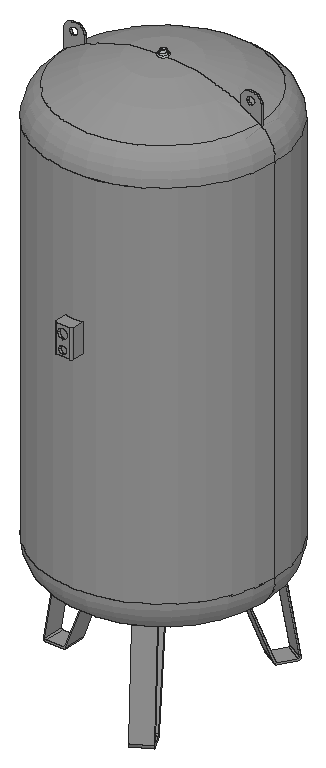
Revit family "WRV 2500", category Оборудование, Revit 2014
Parameters
  Описание = "Мембранный бак для отопления V=2500л, Py=10бар, 2\""
  Материал = Красная краска
  Масса кг = "307"
  Комментарии к типоразмеру = "WRV 2500"
  Изготовитель = "WESTER"  # constant formula
  URL = "http://www.wester.su/"
Reference planes
  plane 1 "По центру (Вперед/Назад)": y = 0
  plane 2: z = 0
  plane 3 "По центру (Влево/Вправо)": x = 0
Forms (mm)
  Revolve 1, solid, material "Красная краска" <- "Материал"
    sketch origin (161.5, 0, 805.958) x (0, 0, 1) y (-1, 0, 0)
      loop
        line (-432.958, 161.5) -> (1944.073, 161.5)
        arc (1944.073, 161.5) -> (1909.572, 406.774) -> (1807.698, 632.542) r 874.665
        arc (1807.698, 632.542) -> (1746.054, 690.465) -> (1664.126, 711.51) r 169.999
        line (1664.126, 711.51) -> (-165.755, 711.51)
        arc (-165.755, 711.51) -> (-247.639, 690.463) -> (-309.226, 632.54) r 169.813
        arc (-309.226, 632.54) -> (-386.922, 478.121) -> (-432.958, 311.5) r 880.708
        line (-432.958, 311.5) -> (-432.958, 161.5)
      axis (-432.958, 161.5) -> (1944.073, 161.5)
    angle from 0 to 360
  Revolve 2, solid, material "Красная краска" <- "Материал"
    sketch origin (0, 0, 609.559) x (-1, 0, 0) y (0, 0, -1)
      loop
        line (0, 236.559) -> (150, 236.559) -> (150, 256.559) -> (128.984, 256.559) -> (128.984, 264.574) -> (150, 264.574) -> (150, 274.559) -> (33.717, 274.559) -> (33.717, 324.559) -> (28.412, 324.559) -> (28.412, 274.516) -> (0, 274.516) -> (0, 236.559)
      axis (0, 324.559) -> (0, 236.559)
    angle from 0 to 360
  Revolve 3, solid
    sketch origin (0, 0, 2098.542) x (1, 0, 0) y (0, 0, 1)
      loop
        line (-13.204, 674.49) -> (-13.204, 663) -> (-18.475, 663) -> (-18.475, 656.503) -> (-23.985, 656.503) -> (-23.985, 651.489) -> (0, 651.489) -> (0, 653.751) -> (-7.729, 653.751) -> (-9.298, 655.32) -> (-9.298, 676.489) -> (-11.205, 676.489) -> (-13.204, 674.49)
      axis (0, 676.489) -> (0, 651.489)
    angle from 0 to 360
  Extrusion 4, solid, material "Красная краска" <- "Материал"
    sketch origin (0, -96.875, 0) x (1, 0, 0) y (0, 1, 0)
      loop
        line (42.5, -508.664) -> (42.5, -446.792) -> (-42.5, -446.792) -> (-42.5, -508.664)
        arc (-42.5, -508.664) -> (-39.571, -515.735) -> (-32.5, -518.664) r 10
        line (-32.5, -518.664) -> (32.5, -518.664)
        arc (32.5, -518.664) -> (39.571, -515.735) -> (42.5, -508.664) r 10
    from 1690 to 1828
  Extrusion 5, void
    sketch origin (0, 0, 650) x (1, 0, 0) y (0, 0, 1)
      loop
        circle (0, 1139.927) r 25
      loop
        circle (0, 1069.302) r 20
    from 605 to 615.484
  Extrusion 6, solid, material "Красная краска" <- "Материал"
    sketch origin (0, 0, 0) x (1, 0, 0) y (0, 0, 1)
      loop
        line (-283.491, 408.537) -> (-289.094, 410.684) -> (-442.65, 9.854)
        arc (-442.65, 9.854) -> (-444.853, 7.056) -> (-448.253, 6) r 6
        line (-448.253, 6) -> (-535.754, 6)
        arc (-535.754, 6) -> (-540.35, 8.143) -> (-541.667, 13.019) r 6
        line (-541.667, 13.019) -> (-459.237, 491.122) -> (-464.739, 494.523) -> (-547.58, 14.039)
        arc (-547.58, 14.039) -> (-544.932, 4.269) -> (-535.754, 0) r 12
        line (-535.754, 0) -> (-448.253, 0)
        arc (-448.253, 0) -> (-441.453, 2.113) -> (-437.047, 7.707) r 12
        line (-437.047, 7.707) -> (-283.491, 408.537)
    from -50 to 50
  Extrusion 7, solid, material "Красная краска" <- "Материал"
    sketch origin (0, 0, 250) x (1, 0, 0) y (0, 0, 1)
      loop
        line (385, 2350) -> (485, 2350) -> (485, 2450)
        arc (485, 2450) -> (473.284, 2478.284) -> (445, 2490) r 40
        line (445, 2490) -> (425, 2490)
        arc (425, 2490) -> (396.716, 2478.284) -> (385, 2450) r 40
        line (385, 2450) -> (385, 2350)
      loop
        circle (434.904, 2450) r 20
      loop
        line (-385, 2350) -> (-385, 2450)
        arc (-385, 2450) -> (-396.716, 2478.284) -> (-425, 2490) r 40
        line (-425, 2490) -> (-445, 2490)
        arc (-445, 2490) -> (-473.284, 2478.284) -> (-485, 2450) r 40
        line (-485, 2450) -> (-485, 2350) -> (-385, 2350)
      loop
        circle (-434.904, 2450) r 20
    from -3.5 to 3.5
  Extrusion 8, solid, material "Красная краска" <- "Материал"
    sketch origin (-0.007, 0.037, 0) x (-0.5, -0.866025, 0) y (0, 0, 1)
      loop
        line (-283.491, 408.537) -> (-289.094, 410.684) -> (-442.65, 9.854)
        arc (-442.65, 9.854) -> (-444.853, 7.056) -> (-448.253, 6) r 6
        line (-448.253, 6) -> (-535.754, 6)
        arc (-535.754, 6) -> (-540.35, 8.143) -> (-541.667, 13.019) r 6
        line (-541.667, 13.019) -> (-459.237, 491.122) -> (-464.739, 494.523) -> (-547.58, 14.039)
        arc (-547.58, 14.039) -> (-544.932, 4.269) -> (-535.754, 0) r 12
        line (-535.754, 0) -> (-448.253, 0)
        arc (-448.253, 0) -> (-441.453, 2.113) -> (-437.047, 7.707) r 12
        line (-437.047, 7.707) -> (-283.491, 408.537)
    from -50 to 50
  Extrusion 9, solid, material "Красная краска" <- "Материал"
    sketch origin (-0.008, 0.002, 0) x (-0.5, 0.866025, 0) y (0, 0, 1)
      loop
        line (-283.491, 408.537) -> (-289.094, 410.684) -> (-442.65, 9.854)
        arc (-442.65, 9.854) -> (-444.853, 7.056) -> (-448.253, 6) r 6
        line (-448.253, 6) -> (-535.754, 6)
        arc (-535.754, 6) -> (-540.35, 8.143) -> (-541.667, 13.019) r 6
        line (-541.667, 13.019) -> (-459.237, 491.122) -> (-464.739, 494.523) -> (-547.58, 14.039)
        arc (-547.58, 14.039) -> (-544.932, 4.269) -> (-535.754, 0) r 12
        line (-535.754, 0) -> (-448.253, 0)
        arc (-448.253, 0) -> (-441.453, 2.113) -> (-437.047, 7.707) r 12
        line (-437.047, 7.707) -> (-283.491, 408.537)
    from -50 to 50
Cuts and joins
  Extrusion 5 cuts Extrusion 4
  joined: Revolve 1, Extrusion 4, Extrusion 7
Dimensions and locks
  aligned and locked: level to plane 2
Nested families
  nested 1: "Болт" at (0, -136.109, 335) x (0, 1, 0) z (0, 0, -1), type "Болт"
  nested 2: "Болт" at (-96.296, -96.14, 335) x (-0.2588, 0.9659, 0) z (0, 0, -1), type "Болт"
  nested 3: "Болт" at (-136.094, 0, 335) x (1, 0, 0) z (0, 0, -1), type "Болт"
  nested 4: "Болт" at (96.149, 96.195, 335) x (-0.2588, 0.9659, 0) z (0, 0, -1), type "Болт"
  nested 5: "Болт" at (-96.187, 96.221, 335) x (0.2588, 0.9659, 0) z (0, 0, -1), type "Болт"
  nested 6: "Болт" at (96.287, -96.207, 335) x (0.9659, 0.2588, 0) z (0, 0, -1), type "Болт"
  nested 7: "Болт" at (136.094, 0, 335) x (-1, 0, 0) z (0, 0, -1), type "Болт"
  nested 8: "Болт" at (0, 136.109, 335) x (0, -1, 0) z (0, 0, -1), type "Болт"
Connectors
  piping at (0, 0, 285), diameter 50
    settings: on Revolve 2, index 1, connector inside diameter 609.6 mm, connector length 0 mm, flow factor 0, pipe flow 0.0 L/s, pressure drop 0.0 Pa, fitting loss kfactor 0, connector angle 0.00°, fixture units 0, engagement length 0 mm, angle of deflection 0.00°, flow configuration 1, flow direction 0, fitting loss method 0, system type 29, joint type 0, gender type 0, connector reference index -1, connector utility 0, adjustable connector no, is connector primary yes, connector description ""
Definition of nested family "Болт"
  Parameters (values of type "Болт")
    Default Elevation = 1219.2 mm
    L [instance] = 30 mm
  Reference planes
    plane 1 "По центру (Вперед/Назад)": y = 0
    plane 2: z = 0
    plane 3 "По центру (Влево/Вправо)": x = 0
    plane 4: z = -30
  Forms (mm)
    Extrusion 1, solid
      sketch origin (0, 0, 0) x (1, 0, 0) y (0, 1, 0)
        loop
          line (-1219.2, 1219.2) -> (-1219.2, -1219.2) -> (1219.2, -1219.2) -> (1219.2, 1219.2) -> (-1219.2, 1219.2)
      from 0 to -304.8
    Extrusion 2, solid, detail levels medium+fine
      sketch origin (0, 0, 0) x (0, 1, 0) y (-1, 0, 0)
        loop
          line (-6.5, -3.753) -> (0, -7.506) -> (6.5, -3.753) -> (6.5, 3.753) -> (0, 7.506) -> (-6.5, 3.753) -> (-6.5, -3.753)
      from 0 to 5.3
    Extrusion 3, solid, detail levels medium+fine
      sketch origin (0, 0, 0) x (1, 0, 0) y (0, 1, 0)
        loop
          circle (0, 0) r 4
      from -30 to 0
    Revolve 4, void
      sketch origin (0, 0, 0) x (1, 0, 0) y (0, 0, 1)
        loop
          line (-7.506, 4.447) -> (-6.413, 5.3) -> (-7.506, 5.3) -> (-7.506, 4.447)
        axis (0, 5.3) -> (0, 4.3)
      angle from 0 to 360
    Revolve 5, void
      sketch origin (0, 0, -51.56) x (1, 0, 0) y (0, 0, 1)
        loop
          line (-4, 21.56) -> (-2.365, 21.56) -> (-4, 23.195) -> (-4, 21.56)
        axis (0, 23.195) -> (0, 21.56)
      angle from 0 to 360
  Cuts and joins
    Revolve 4 cuts Extrusion 2
    Revolve 5 cuts Extrusion 3
    joined: Extrusion 2, Extrusion 3
  Dimensions and locks
    Extrusion 1 to cut or joined group of Extrusion 2, Extrusion 3, Revolve 4, Revolve 5 = 30 mm
    "L": level to plane 4
    locked: Revolve 5 sketch curve to plane 4 at 1.635
    aligned and locked: plane 2 to Extrusion 1
    aligned and locked: level to Extrusion 1
    aligned and locked: Revolve 4 sketch curve to plane 3 "По центру (Влево/Вправо)"
    aligned and locked: cut or joined group of Extrusion 2, Extrusion 3, Revolve 4, Revolve 5 to Revolve 4 sketch curve
    aligned and locked: Extrusion 3 to plane 4
    aligned and locked: cut or joined group of Extrusion 2, Extrusion 3, Revolve 4, Revolve 5 to plane 4
  Automatic sketch dimensions
    Extrusion 1 sketch curve to Extrusion 1 sketch curve = 2438.4 mm  (x2)
    plane 1 "По центру (Вперед/Назад)" to Extrusion 2 sketch curve = 0 mm  (x2)
    plane 1 "По центру (Вперед/Назад)" to Extrusion 2 sketch curve = 6.5 mm
    Extrusion 2 sketch curve to plane 1 "По центру (Вперед/Назад)" = 6.5 mm
    plane 3 "По центру (Влево/Вправо)" to Extrusion 2 sketch curve = 7.506 mm
    plane 3 "По центру (Влево/Вправо)" to Extrusion 2 sketch curve = 3.753 mm  (x2)
    Extrusion 2 sketch curve to plane 3 "По центру (Влево/Вправо)" = 3.753 mm  (x2)
    Extrusion 2 sketch curve to plane 3 "По центру (Влево/Вправо)" = 7.506 mm
    plane 1 "По центру (Вперед/Назад)" to Extrusion 3 sketch curve = 0 mm
    Extrusion 3 sketch curve to plane 3 "По центру (Влево/Вправо)" = 0 mm
    Revolve 4 sketch curve to plane 3 "По центру (Влево/Вправо)" = 6.413 mm
    Revolve 4 sketch curve to Revolve 4 sketch curve = 1.092 mm
    Revolve 4 sketch curve to Revolve 4 sketch curve = 0.853 mm
    Revolve 4 sketch curve to plane 4 = 544.04 mm
    Revolve 4 sketch curve to Revolve 4 sketch curve = 2603.758 mm
    plane 3 "По центру (Влево/Вправо)" to Revolve 5 sketch curve = 0 mm
    Revolve 5 sketch curve to plane 3 "По центру (Влево/Вправо)" = 2.365 mm
    Revolve 5 sketch curve to Revolve 5 sketch curve = 1.635 mm  (x2)
    Revolve 5 sketch curve to plane 4 = 595.6 mm
    level to Revolve 5 sketch curve = 2557.498 mm
    radius of Extrusion 3 sketch curve = 4 mm
